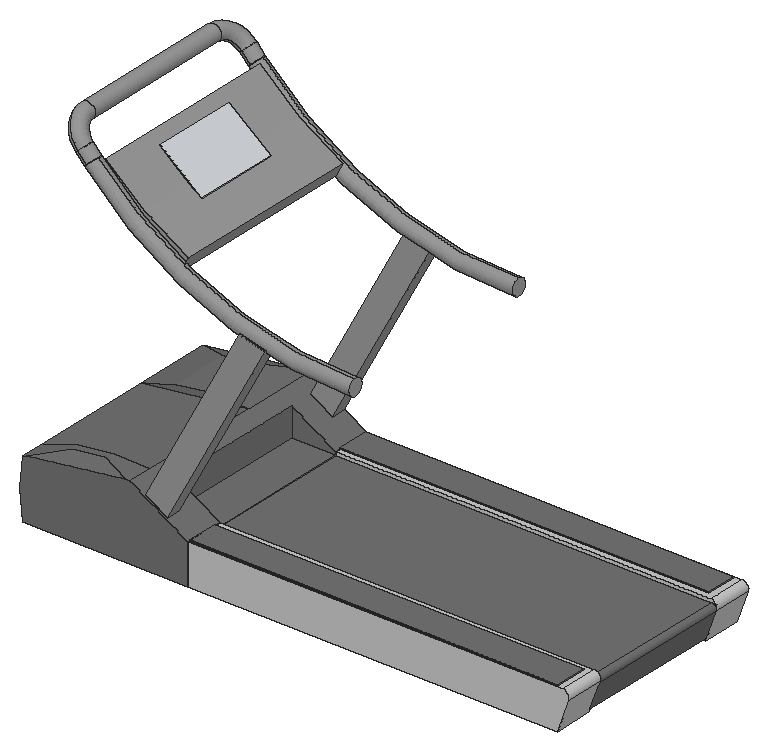
Revit family "Дорожка беговая", category Оборудование, Revit 2017
Family settings
  Размер круглого соединителя = Использовать диаметр
  Тип детали = Нормальный
  На основе рабочей плоскости = Нет
  Всегда вертикально = Да
  При загрузке вырезать с полостями = Нет
  Общий = Нет
  Точка расчета площади = Нет
Parameters (values of type "2101х859х1481")
  Ширина = 2101.0 mm
  Число полюсов = 1
  Примечание = ""
  Позиция = ""
  Обозначение = "Run 600"
  Напряжение = 220 V
  Наименование = "Беговая дорожка"
  Мощность номинальная = 1800 W
  Масса = "165"
  Код оборудования = ""
  Keynote = ""
  Изготовитель = "Severin"
  Зона безопасности [instance] = yes
  Задание [instance] = ""
  Завод = "Technogym"
  Единицы = "шт."
  Группа модели = "ТХ"
  Глубина = 859.0 mm
  Высота = 1481.0 mm
Reference planes
  plane 1 "По центру (Вперед/Назад)": y = 0
  plane 2: z = 0
  plane 3 "По центру (Влево/Вправо)": x = 0
  plane 4: x = -1050.5
  plane 5: x = 1050.5
  plane 6: y = 429.5
  plane 7: y = -429.5
  plane 8: z = 1481
  plane 9: z = 740.5
Forms (mm)
  Extrusion 1, solid, material "Stairmaster Black"
    sketch origin (1142.234, -279.4, 0) x (-1, 0, 0) y (0, 0, 1)
      loop
        arc (113.44, 175.648) -> (97.836, 167.525) -> (95.539, 150.083) r 19.05
        line (95.539, 150.083) -> (133.046, 47.033) -> (1557.734, 47.033) -> (1557.734, 175.648) -> (113.44, 175.648)
    from 0 to 558.8
  Extrusion 2, solid, material "Stairmaster Gray", detail levels medium+fine
    sketch origin (1123.184, 444.5, 0) x (-1, 0, 0) y (0, 0, 1)
      loop
        line (117.939, 34.333) -> (1538.684, 34.333) -> (1538.684, 188.348) -> (98.157, 188.348)
        arc (98.157, 188.348) -> (77.35, 177.517) -> (74.288, 154.261) r 25.4
        line (74.288, 154.261) -> (117.939, 34.333)
    from -165.1 to -15
  Extrusion 3, solid, material "Stairmaster Gray", detail levels medium+fine
    sketch origin (1123.184, -444.5, 0) x (-1, 0, 0) y (0, 0, -1)
      loop
        line (119.569, -34.333) -> (75.919, -154.261)
        arc (75.919, -154.261) -> (78.98, -177.517) -> (99.787, -188.348) r 25.4
        line (99.787, -188.348) -> (1538.684, -188.348) -> (1538.684, -34.333) -> (119.569, -34.333)
    from -165.1 to -15
  Extrusion 4, solid, material "Stairmaster Black"
    sketch origin (1123.184, 444.5, 0) x (-1, 0, 0) y (0, 0, 1)
      loop
        line (1538.684, 188.348) -> (1538.684, 191.92) -> (122.634, 191.92) -> (122.634, 188.348) -> (1538.684, 188.348)
    from -143.632 to -21.581
  Extrusion 5, solid, material "Stairmaster Black"
    sketch origin (1123.184, -444.5, 0) x (-1, 0, 0) y (0, 0, -1)
      loop
        line (1538.684, -188.348) -> (122.634, -188.348) -> (122.634, -191.92) -> (1538.684, -191.92) -> (1538.684, -188.348)
    from -143.632 to -21.581
  Extrusion 6, solid, material "Stairmaster Black"
    sketch origin (1123.184, 444.5, 0) x (-1, 0, 0) y (0, 0, 1)
      loop
        line (1538.684, 34.333) -> (2173.684, 34.333)
        arc (2173.684, 34.333) -> (2184.451, 148.633) -> (2173.684, 262.933) r 612.1
        arc (2173.684, 262.933) -> (1971.249, 316.606) -> (1761.836, 319.177) r 850.39
        line (1761.836, 319.177) -> (1538.684, 188.348) -> (1538.684, 34.333)
    from -874 to -15
  Extrusion 7, void
    sketch origin (1123.184, 444.5, 0) x (-1, 0, 0) y (0, 0, 1)
      loop
        line (1538.684, 175.648) -> (1708.501, 175.648) -> (1708.501, 287.908) -> (1538.684, 188.348) -> (1538.684, 175.648)
    from -723.9 to -165.1
  Extrusion 8, solid, material "Stairmaster Black", detail levels medium+fine
    sketch origin (1023.184, 444.5, 0) x (0, 1, 0) y (-1, 0, 0)
      loop
        circle (-780.993, 154.384) r 44.45
    from 0 to 34.333
  Extrusion 9, solid, material "Stairmaster Black", detail levels medium+fine
    sketch origin (1023.184, -444.5, 0) x (0, -1, 0) y (1, 0, 0)
      loop
        circle (-780.993, -154.384) r 44.45
    from 0 to 34.333
  Extrusion 10, solid, material "Stairmaster Black", detail levels medium+fine
    sketch origin (-756.416, 444.5, 0) x (0, 1, 0) y (-1, 0, 0)
      loop
        circle (-780.993, 154.384) r 44.45
    from 0 to 34.333
  Extrusion 11, solid, material "Stairmaster Black", detail levels medium+fine
    sketch origin (-756.416, -444.5, 0) x (0, -1, 0) y (1, 0, 0)
      loop
        circle (-780.993, -154.384) r 44.45
    from 0 to 34.333
  Extrusion 12, void
    sketch origin (1123.184, 351.825, 0) x (-1, 0, 0) y (0, 0, 1)
      loop
        line (1761.836, 319.177) -> (2173.684, 262.933)
        arc (2173.684, 262.933) -> (1971.249, 316.606) -> (1761.836, 319.177) r 850.39
    from -686.453 to -210.33
  Extrusion 13, void
    sketch origin (1147.047, 444.5, 274.437) x (0, 1, 0) y (-0.139173, 0, 0.990268)
      loop
        line (-889, 293.68) -> (-779.128, 325.185) -> (-889, 325.185) -> (-889, 293.68)
    from -2184.4 to -1761.774
  Extrusion 14, void
    sketch origin (1147.047, -444.5, 274.437) x (0, -1, 0) y (0.139173, 0, -0.990268)
      loop
        line (-889, -293.68) -> (-889, -325.185) -> (-779.128, -325.185) -> (-889, -293.68)
    from -2184.4 to -1761.774
  Extrusion 15, solid, material "GKS_Mep_Сталь_3262-75", detail levels medium+fine
    sketch origin (0, 0, 0) x (1, 0, 0) y (0, 0, 1)
      loop
        line (-585.317, 287.908) -> (-500.408, 238.128) -> (-124.221, 945.634)
        arc (-124.221, 945.634) -> (-173.42, 957.352) -> (-222.131, 970.962) r 1309.343
        line (-222.131, 970.962) -> (-585.317, 287.908)
    from -422.919 to -369.933
  Extrusion 16, solid, material "GKS_Mep_Сталь_3262-75", detail levels medium+fine
    sketch origin (0, 0, 0) x (1, 0, 0) y (0, 0, -1)
      loop
        line (-585.317, -287.908) -> (-222.061, -971.093)
        arc (-222.061, -971.093) -> (-172.961, -958.181) -> (-123.398, -947.181) r 1309.343
        line (-123.398, -947.181) -> (-500.408, -238.128) -> (-585.317, -287.908)
    from -422.919 to -369.933
  Extrusion 17, solid, material "GKS_Mep_Сталь_3262-75"
    sketch origin (-43.829, 0, -76.224) x (1, 0, 0) y (0, 0, 1)
      loop
        line (-442.555, 1148.138) -> (-415.376, 1201.67)
        arc (-415.376, 1201.67) -> (-585.278, 1303.707) -> (-736.927, 1431.306) r 1250.514
        line (-736.927, 1431.306) -> (-777.943, 1387.436)
        arc (-777.943, 1387.436) -> (-619.712, 1254.525) -> (-442.555, 1148.138) r 1310.532
    from -369.933 to 369.933
  Sweep 18, solid, material "GKS_Mep_Сталь_3262-75"
    path in 3D
      loop
        arc (197.906, -422.919, 920.701) -> (-352.535, -422.919, 1022.908) -> (-809.968, -422.919, 1345.688) r 1309.343
    profile origin (-352.535, -422.919, 1022.908) x (-0.388538, 0, -0.921433) y (0, -1, 0)
      loop
        circle (0, -30) r 30
  Sweep 19, solid, material "GKS_Mep_Сталь_3262-75"
    path in 3D
      loop
        arc (197.906, 422.919, 920.701) -> (-352.535, 422.919, 1022.908) -> (-809.968, 422.919, 1345.688) r 1309.343
    profile origin (-352.535, 422.919, 1022.908) x (0.388538, 0, 0.921433) y (0, 1, 0)
      loop
        circle (0, -30) r 30
  Sweep 20, solid, material "GKS_Mep_Сталь_3262-75"
    path origin (727.44, 0, 853.261) x (0, 1, 0) y (-0.674912, 0, 0.737898)
      loop
        line (392.919, 1400.976) -> (392.919, 1450.976)
        arc (392.919, 1450.976) -> (366.559, 1514.616) -> (302.919, 1540.976) r 90
        line (302.919, 1540.976) -> (-302.919, 1540.976)
        arc (-302.919, 1540.976) -> (-366.559, 1514.616) -> (-392.919, 1450.976) r 90
        line (-392.919, 1450.976) -> (-392.919, 1400.976)
    profile origin (-234.969, 392.919, 1905.486) x (0, -1, 0) y (0.737898, 0, 0.674912)
      loop
        circle (0, -802.105) r 30
  Extrusion 21, solid
    sketch origin (0, 0, 0) x (1, 0, 0) y (0, 0, 1)
      loop
        line (-580.071, 1194.19) -> (-577.345, 1198.381)
        arc (-577.345, 1198.381) -> (-661.814, 1257.954) -> (-741.052, 1324.325) r 1245.514
        line (-741.052, 1324.325) -> (-744.592, 1320.786)
        arc (-744.592, 1320.786) -> (-664.963, 1254.068) -> (-580.071, 1194.19) r 1250.514
    from 160 to -170.421
Cuts and joins
  Extrusion 7, Extrusion 12, Extrusion 13, Extrusion 14 cuts Extrusion 6
Lines and regions (mm)
  symbolic lines, detail levels coarse+medium
    curve 1: line (1050.5, -429.5, 0) -> (-1050.5, -429.5, 0)
    curve 2: line (1050.5, 429.5, 0) -> (1050.5, -429.5, 0)
    curve 3: line (-1050.5, 429.5, 0) -> (1050.5, 429.5, 0)
    curve 4: line (-1050.5, -429.5, 0) -> (-1050.5, 429.5, 0)
  symbolic lines, detail levels medium
    curve 5: line (-13.163, -429.5, 0) -> (0, 18.799, 0)
    curve 6: line (13.163, -429.5, 0) -> (0, 18.799, 0)
  sketch lines
    curve 7: arc (197.906, -422.919, 920.701) -> (-352.535, -422.919, 1022.908) -> (-809.968, -422.919, 1345.688) r 1309.343
    curve 8: arc (197.906, 422.919, 920.701) -> (-352.535, 422.919, 1022.908) -> (-809.968, 422.919, 1345.688) r 1309.343
  model lines, style "MechanicalEquipmentHiddenLines", visible <- "Зона безопасности"
    curve 9: line (-1250, 1000, 0) -> (1250, 1000, 0)
    curve 10: line (-1250, -1000, 0) -> (-1250, 1000, 0)
    curve 11: line (1250, -1000, 0) -> (-1250, -1000, 0)
    curve 12: line (1250, 1000, 0) -> (1250, -1000, 0)
Dimensions and locks
  equal spacing: plane 4, plane 3 "По центру (Влево/Вправо)", plane 5
  "Ширина": plane 4 to plane 5
  equal spacing: plane 6, plane 1 "По центру (Вперед/Назад)", plane 7
  "Глубина": plane 6 to plane 7
  equal spacing: plane 8, plane 9, level
  "Высота": plane 8 to level
  aligned and locked: level to plane 2
Automatic sketch dimensions
  Extrusion 1 sketch curve to plane 5 = 3.805 mm
  Extrusion 1 sketch curve to Extrusion 1 sketch curve = 17.901 mm
  Extrusion 1 sketch curve to plane 5 = 41.312 mm
  level to Extrusion 1 sketch curve = 47.033 mm
  Extrusion 1 sketch curve to plane 3 "По центру (Влево/Вправо)" = 415.5 mm
  Extrusion 1 sketch curve to Extrusion 1 sketch curve = 103.05 mm
  Extrusion 1 sketch curve to Extrusion 1 sketch curve = 6.515 mm
  Extrusion 2 sketch curve to plane 5 = 1.604 mm
  Extrusion 2 sketch curve to Extrusion 2 sketch curve = 23.868 mm
  Extrusion 2 sketch curve to plane 5 = 45.254 mm
  level to Extrusion 2 sketch curve = 34.333 mm
  Extrusion 2 sketch curve to plane 3 "По центру (Влево/Вправо)" = 415.5 mm
  Extrusion 2 sketch curve to Extrusion 2 sketch curve = 119.928 mm
  Extrusion 2 sketch curve to Extrusion 2 sketch curve = 8.687 mm
  Extrusion 3 sketch curve to plane 5 = 3.234 mm
  Extrusion 3 sketch curve to Extrusion 3 sketch curve = 23.868 mm
  Extrusion 3 sketch curve to plane 5 = 46.885 mm
  level to Extrusion 3 sketch curve = 34.333 mm
  Extrusion 3 sketch curve to plane 3 "По центру (Влево/Вправо)" = 415.5 mm
  Extrusion 3 sketch curve to Extrusion 3 sketch curve = 119.928 mm
  Extrusion 3 sketch curve to Extrusion 3 sketch curve = 8.687 mm
  Extrusion 4 sketch curve to plane 5 = 49.95 mm
  level to Extrusion 4 sketch curve = 191.92 mm
  Extrusion 4 sketch curve to plane 3 "По центру (Влево/Вправо)" = 415.5 mm
  Extrusion 4 sketch curve to Extrusion 4 sketch curve = 3.572 mm
  Extrusion 5 sketch curve to plane 5 = 49.95 mm
  level to Extrusion 5 sketch curve = 191.92 mm
  Extrusion 5 sketch curve to plane 3 "По центру (Влево/Вправо)" = 415.5 mm
  Extrusion 5 sketch curve to Extrusion 5 sketch curve = 3.572 mm
  Extrusion 6 sketch curve to plane 4 = 0.0 mm  (x2)
  plane 4 to Extrusion 6 sketch curve = 317.5 mm
  level to Extrusion 6 sketch curve = 319.177 mm
  plane 4 to Extrusion 6 sketch curve = 411.848 mm
  Extrusion 6 sketch curve to Extrusion 6 sketch curve = 189.485 mm
  level to Extrusion 6 sketch curve = 34.333 mm
  Extrusion 6 sketch curve to Extrusion 6 sketch curve = 33.667 mm
  Extrusion 6 sketch curve to level = 525.963 mm
  Extrusion 6 sketch curve to Extrusion 6 sketch curve = 39.715 mm
  level to Extrusion 7 sketch curve = 188.348 mm
  Extrusion 7 sketch curve to plane 3 "По центру (Влево/Вправо)" = 415.5 mm
  Extrusion 7 sketch curve to Extrusion 7 sketch curve = 169.817 mm
  Extrusion 7 sketch curve to Extrusion 7 sketch curve = 12.7 mm
  Extrusion 7 sketch curve to Extrusion 7 sketch curve = 112.26 mm
  plane 7 to Extrusion 8 sketch curve = 93.007 mm
  Extrusion 8 sketch curve to plane 5 = 181.7 mm
  Extrusion 9 sketch curve to plane 6 = 93.007 mm
  Extrusion 9 sketch curve to plane 5 = 181.7 mm
  plane 7 to Extrusion 10 sketch curve = 93.007 mm
  plane 4 to Extrusion 10 sketch curve = 139.7 mm
  Extrusion 11 sketch curve to plane 6 = 93.007 mm
  plane 4 to Extrusion 11 sketch curve = 139.7 mm
  Extrusion 12 sketch curve to plane 4 = 0.0 mm
  plane 4 to Extrusion 12 sketch curve = 317.5 mm
  plane 4 to Extrusion 12 sketch curve = 411.848 mm
  Extrusion 12 sketch curve to level = 525.963 mm
  level to Extrusion 12 sketch curve = 262.933 mm
  Extrusion 13 sketch curve to plane 7 = 15.0 mm
  plane 7 to Extrusion 13 sketch curve = 94.872 mm
  Extrusion 13 sketch curve to Extrusion 13 sketch curve = 31.505 mm
  plane 6 to Extrusion 14 sketch curve = 15.0 mm
  Extrusion 14 sketch curve to plane 6 = 94.872 mm
  Extrusion 14 sketch curve to Extrusion 14 sketch curve = 31.505 mm
  plane 4 to Extrusion 15 sketch curve = 465.183 mm
  level to Extrusion 15 sketch curve = 238.128 mm
  Extrusion 15 sketch curve to Extrusion 15 sketch curve = 84.908 mm
  Extrusion 15 sketch curve to plane 3 "По центру (Влево/Вправо)" = 222.131 mm
  Extrusion 15 sketch curve to plane 3 "По центру (Влево/Вправо)" = 124.221 mm
  plane 3 "По центру (Влево/Вправо)" to Extrusion 15 sketch curve = 154.493 mm
  Extrusion 15 sketch curve to Extrusion 15 sketch curve = 49.78 mm
  plane 9 to Extrusion 15 sketch curve = 205.134 mm
  Extrusion 15 sketch curve to Extrusion 15 sketch curve = 25.328 mm
  plane 4 to Extrusion 16 sketch curve = 465.183 mm
  level to Extrusion 16 sketch curve = 238.128 mm
  Extrusion 16 sketch curve to Extrusion 16 sketch curve = 84.908 mm
  Extrusion 16 sketch curve to plane 3 "По центру (Влево/Вправо)" = 222.061 mm
  Extrusion 16 sketch curve to plane 3 "По центру (Влево/Вправо)" = 123.398 mm
  plane 3 "По центру (Влево/Вправо)" to Extrusion 16 sketch curve = 135.437 mm
  Extrusion 16 sketch curve to Extrusion 16 sketch curve = 49.78 mm
  plane 9 to Extrusion 16 sketch curve = 206.681 mm
  Extrusion 16 sketch curve to Extrusion 16 sketch curve = 23.911 mm
  Extrusion 17 sketch curve to Extrusion 17 sketch curve = 0.014 mm
  Extrusion 17 sketch curve to Extrusion 17 sketch curve = 0.011 mm
  plane 3 "По центру (Влево/Вправо)" to Extrusion 17 sketch curve = 97.634 mm
  Extrusion 17 sketch curve to Extrusion 17 sketch curve = 27.179 mm
  Extrusion 17 sketch curve to plane 8 = 125.919 mm
  Extrusion 17 sketch curve to Extrusion 17 sketch curve = 321.551 mm
  Extrusion 17 sketch curve to Extrusion 17 sketch curve = 41.016 mm
  Extrusion 17 sketch curve to plane 3 "По центру (Влево/Вправо)" = 459.205 mm
  Extrusion 17 sketch curve to plane 8 = 355.554 mm
  Extrusion 17 sketch curve to Extrusion 17 sketch curve = 43.869 mm
  Sweep 18 sketch curve to profile plane = 0.0 mm
  Sweep 18 sketch curve to profile plane = 30.0 mm
  Sweep 19 sketch curve to profile plane = 0.0 mm
  Sweep 19 sketch curve to profile plane = 30.0 mm
  plane 7 to Sweep 20 sketch curve = 36.581 mm
  plane 7 to Sweep 20 sketch curve = 126.581 mm
  Sweep 20 sketch curve to plane 6 = 126.581 mm
  Sweep 20 sketch curve to plane 6 = 36.581 mm
  Sweep 20 sketch curve to Sweep 20 sketch curve = 50.0 mm  (x2)
  Sweep 20 sketch curve to profile plane = 0.0 mm
  Sweep 20 sketch curve to profile plane = 802.105 mm
  Extrusion 21 sketch curve to Extrusion 21 sketch curve = 0.0 mm  (x2)
  plane 3 "По центру (Влево/Вправо)" to Extrusion 21 sketch curve = 97.648 mm
  Extrusion 21 sketch curve to Extrusion 21 sketch curve = 2.727 mm
  Extrusion 21 sketch curve to Extrusion 21 sketch curve = 163.708 mm
  Extrusion 21 sketch curve to Extrusion 21 sketch curve = 3.539 mm  (x2)
  Extrusion 21 sketch curve to plane 8 = 156.675 mm
  Extrusion 21 sketch curve to Extrusion 21 sketch curve = 4.191 mm
  plane 4 to Extrusion 21 sketch curve = 470.429 mm
  curve 3 to plane 4 = 0.0 mm
  curve 5 to plane 7 = 0.0 mm
  curve 6 to plane 3 "По центру (Влево/Вправо)" = 0.0 mm
  curve 2 to plane 5 = 0.0 mm
  curve 2 to plane 6 = 0.0 mm
  curve 10 to plane 4 = 199.5 mm
  plane 5 to curve 9 = 199.5 mm
  curve 12 to plane 7 = 570.5 mm
  curve 5 to plane 1 "По центру (Вперед/Назад)" = 18.799 mm
  curve 5 to plane 3 "По центру (Влево/Вправо)" = 13.163 mm
  plane 3 "По центру (Влево/Вправо)" to curve 6 = 13.163 mm
  plane 6 to curve 10 = 570.5 mm
  radius of Extrusion 8 sketch curve = 44.45 mm
  radius of Extrusion 9 sketch curve = 44.45 mm
  radius of Extrusion 10 sketch curve = 44.45 mm
  radius of Extrusion 11 sketch curve = 44.45 mm
  radius of Sweep 18 sketch curve = 30.0 mm
  radius of Sweep 19 sketch curve = 30.0 mm
  radius of Sweep 20 sketch curve = 30.0 mm
Connectors
  electrical at (-752.483, 429.5, 204.135), driven by "Число полюсов", driven by "Напряжение"
    settings: on cut or joined group of Extrusion 6, Extrusion 7, Extrusion 12, Extrusion 13, Extrusion 14, index 1, voltage 220 V, apparent load 1800 VA, apparent load phase1 0 VA, apparent load phase2 0 VA, apparent load phase3 0 VA, power factor 1, load classification "Прочее", number of poles 1, system type 30, power factor state 1, is connector primary yes, connector utility no, sub classification motor no, connector description ""
